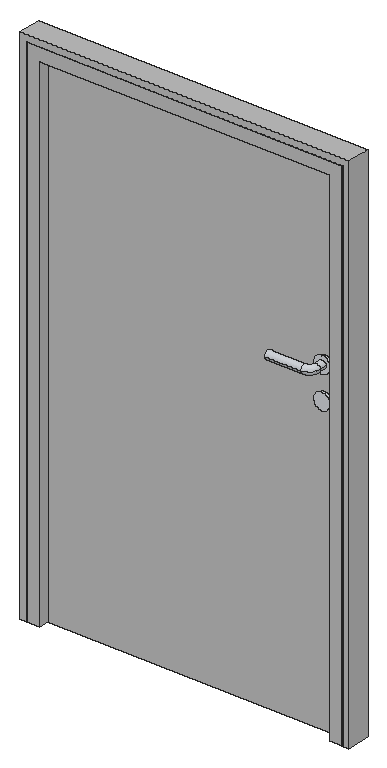
Revit family "BRU_Дверь_Однопольная_Стальная", category Двери, Revit 2021
Family settings
  Основа = Стена
  Номер OmniClass = 23.30.10.00
  Заголовок OmniClass = Doors
  Всегда вертикально = Да
  При загрузке вырезать с полостями = Нет
  Общий = Нет
  Точка принадлежности помещению = Нет
Parameters (values of type "ДСН-О-Н-EI30 1000х1600(h) Пр")
  Четверть сверху.Размер [instance] = 30 mm
  Четверть сверху [instance] = if([Четверть (есть/нет)], Четверть сверху.Размер, 0 mm)  # 0 mm
  Четверть сбоку [instance] = if([Четверть (есть/нет)], Четверти сбоку.Размер, 0 mm)  # 0 mm
  Четверть (есть/нет) [instance] = no
  Четверти сбоку.Размер [instance] = 30 mm
  Угол в плане 30 [instance] = yes
  Тип полотна двери = Полотно : Глухое
  Ручка двери = none
  Рама двери.Ширина справа = 80 mm
  Рама двери.Ширина слева = 80 mm
  Рама двери.Ширина внизу = 80 mm
  Рама двери.Ширина вверху = 80 mm
  Полотно.Толщина = 40 mm
  Полотно двери. Высота = Height - Коробка.Ширина  # 1550 mm
  Площадь [instance] = Rough Width * Rough Height  # 1.73 m²
  Откосы.Ширина [instance] = 530 mm
  Define Thermal Properties by = 1
  Fire Rating = ""
  О_Обозначение = ""
  О_Наименование = ""
  Наличник.Ширина [instance] = 60 mm
  Наличник.Толщина [instance] = 10 mm
  Наличник снаружи (есть/нет) [instance] = no
  Наличник внутри (есть/нет) [instance] = no
  Монтажный зазор снизу.Толщина [instance] = 130 mm
  Монтажный зазор сверху.Толщина = 20 mm
  Монтажный зазор сбоку.Толщина = 20 mm
  Коробка.Ширина = 30 mm
  Коробка.Толщина = 70 mm
  Type Comments = ""
  Защитное ограждение (есть/нет) = no
  Глубина выреза проема наружу [instance] = 200 mm
  Глубина выреза проема внутрь [instance] = 200 mm
  Глубина вставки двери [instance] = 0 mm
  Аналитическая конструкция = "<Нет>"
  Правая = yes
  Полотно двери = none
  Остекление двери = none
  Левая = not(Правая)  # no
  Огибание наружных слоев [instance] = 0 mm
  Width = 960 mm
  Rough Width [instance] = Width + Монтажный зазор сбоку.Толщина * 2  # 1000 mm
  Rough Height [instance] = Height + Монтажный зазор сверху.Толщина + Монтажный зазор снизу.Толщина  # 1730 mm
  Группа модели = "Дверь глухая с порогом"
  Manufacturer = ""
  Wall Closure = (empty or 0)
  Height = 1580 mm
  Описание = "Дверь деревянная внутренняя глухая"
  Тип конструкций = "Дверь деревянная"
  BRU_ДверьТип = "BRU_Дверь_Однопольная_Стальная_МОП_Противопожарная"
  ADSK_Этаж [instance] = ""
  ADSK_Толщина стены [instance] = 0 mm
  ADSK_Примечание [instance] = ""
  ADSK_Предел огнестойкости = "EI30"
  ADSK_Позиция [instance] = ""
  ADSK_Открывание = if(Правая, "Правая", "Левая")  # "Правая"
  ADSK_Обозначение = "ГОСТ 6629-88"  # constant formula
  ADSK_Наименование краткое = ""
  ADSK_Наименование = "ДСН-О-Н-EI30 1000х1600(h)"
  ADSK_Масса_Текст = ""
  ADSK_Количество [instance] = 0
  ADSK_Код изделия = ""
  ADSK_Зона [instance] = ""
  ADSK_Завод-изготовитель = ""
  ADSK_Единица измерения = ""
  ADSK_Группирование [instance] = ""
  ADSK_URL страницы изделия = ""
  ADSK_URL документации изделия = ""
Types (9, lengths in mm): name | Полотно двери. Высота | Площадь | Правая | Левая | Width | Rough Width | Rough Height | Группа модели | Height | ADSK_Предел огнестойкости | ADSK_Открывание | ADSK_Наименование
  ДСН-О-Н-EI30 1000х1600(h) Пр | 1550 | 1.73 m² | yes | no | 960 | 1000 | 1730 | "Дверь глухая с порогом" | 1580 | "EI30" | "Правая" | "ДСН-О-Н-EI30 1000х1600(h)"
  ДСН-О-Н-EI30 1000х1600(h) Л | 1550 | 1.73 m² | no | yes | 960 | 1000 | 1730 | "Дверь глухая с порогом" | 1580 | "EI30" | "Левая" | "ДСН-О-Н-EI30 1000х1600(h)"
  ДСВ-О-Вн-EI30 1250х2400(h) Пр | 2350 | 3.1625 m² | yes | no | 1210 | 1250 | 2530 | "Дверь глухая без порога" | 2380 | "EI30\r\n\r\n\r\n\r\n\r\nE30" | "Правая" | "ДСВ-О-Вн-EI30 1250х2400(h)"
  ДСВ-О-Вн-EI30 1250х2400(h) Л | 2220 | 3.00 m² | no | yes | 1210 | 1250 | 2400 | "Дверь глухая без порога" | 2250 | "EI30" | "Левая" | "ДСВ-О-Вн-EI30 1250х2400(h)"
  ДСВ-О-Н-EIS30 1100х2100(h) Пр | 2050 | 2.453 m² | yes | no | 1060 | 1100 | 2230 | "Дверь глухая с порогом" | 2080 | "EIS30" | "Правая" | "ДСВ-О-Н-EIS30 1250х2100(h)"
  ДСВ-О-Н-EIS30 1250х2100(h) Пр | 2050 | 2.7875 m² | yes | no | 1210 | 1250 | 2230 | "Дверь глухая с порогом" | 2080 | "EIS30\r\n\r\n\r\n\r\n\r\nEIS30" | "Правая" | "ДСВ-О-Н-EIS30 1100х2100(h)"
  ДСН-О-Н 850х2100(h) Л | 1920 | 1.785 m² | no | yes | 810 | 850 | 2100 | "Дверь глухая с порогом" | 1950 | "-" | "Левая" | "ДСН-О 1000х1600(h)"
  ДСН-О-Н 850х2100(h) Пр 2 | 1920 | 1.785 m² | yes | no | 810 | 850 | 2100 | "Дверь глухая с порогом" | 1950 | "-" | "Правая" | "ДСН-О 1000х1600(h)"
  ДСВ-О-Н-EIS30 1250х2100(h) Л | 2050 | 2.7875 m² | no | yes | 1210 | 1250 | 2230 | "Дверь глухая с порогом" | 2080 | "EIS30\r\n\r\n\r\n\r\n\r\nEIS30" | "Левая" | "ДСВ-О-Н-EIS30 1100х2100(h)"
Reference planes
  plane 1: y = 0
  plane 2 "По центру (Влево/Вправо)": x = 0
  plane 3 "Слева": x = -500
  plane 4 "Справа": x = 500
  plane 5: z = 1730
  plane 6 "Наружный": y = 300
  plane 7 "Внутренние": y = -300
  plane 8 "Вставка двери": y = 300
  plane 9 "Четверть слева": x = -500
  plane 10 "Четверть справа": x = 500
  plane 11 "Четверть сверху": z = 1730
  plane 12 "Полотно двери": y = 260
  plane 13 "Рама внутри": y = 230
  plane 14 "Монтажный зазор слева": x = -480
  plane 15 "Монтажный зазор справа": x = 480
  plane 16 "Монтажный зазор сверху": z = 1710
  plane 17 "Глубина огибания наружного слоя": y = 300
  plane 18: y = 310
  plane 19: x = 490
  plane 20: y = -310
  plane 21: x = -490
  plane 22: y = 500
  plane 23: y = -500
  plane 24 "2": z = 130
Forms (mm)
  Extrusion 1, void
    sketch origin (0, 0, 0) x (1, 0, 0) y (0, 1, 0)
      loop
        line (500, 300) -> (-500, 300) -> (-500, -500) -> (500, -500) -> (500, 300)
    from 0 to 1730
  Extrusion 2, void
    sketch origin (0, 0, 0) x (1, 0, 0) y (0, 1, 0)
      loop
        line (500, 500) -> (-500, 500) -> (-500, 300) -> (500, 300) -> (500, 500)
    from 0 to 1730
  Sweep 3, solid, material <- "Полотно двери", visible <- "Наличник снаружи (есть/нет)", detail levels fine
    path origin (0, 300, 0) x (1, 0, 0) y (0, 0, 1)
      loop
        line (-500, 130) -> (-500, 1730) -> (500, 1730) -> (500, 130)
    profile origin (-500, 300, 930) x (-1, 0, 0) y (0, -1, 0)
      loop
        line (-10, 0) -> (-10, -5)
        arc (-10, -5) -> (-8.536, -8.536) -> (-5, -10) r 5
        line (-5, -10) -> (45, -10)
        arc (45, -10) -> (48.536, -8.536) -> (50, -5) r 5
        line (50, -5) -> (50, 0) -> (-10, 0)
  Sweep 4, solid, material <- "Полотно двери", visible <- "Наличник внутри (есть/нет)", detail levels fine
    path origin (0, -300, 0) x (1, 0, 0) y (0, 0, 1)
      loop
        line (-500, 130) -> (-500, 1730) -> (500, 1730) -> (500, 130)
    profile origin (-500, -300, 930) x (-1, 0, 0) y (0, -1, 0)
      loop
        line (-20, 0) -> (40, 0) -> (40, 5)
        arc (40, 5) -> (38.536, 8.536) -> (35, 10) r 5
        line (35, 10) -> (-15, 10)
        arc (-15, 10) -> (-18.536, 8.536) -> (-20, 5) r 5
        line (-20, 5) -> (-20, 0)
  Sweep 5, solid, material <- "Полотно двери"
    path origin (0, 300, 0) x (-1, 0, 0) y (0, 0, 1)
      loop
        line (480, 130) -> (480, 1710) -> (-480, 1710) -> (-480, 130)
    profile origin (480, 300, 920) x (0, 1, 0) y (-1, 0, 0)
      loop
        line (0, 0) -> (0, 30) -> (-40, 30) -> (-40, 40) -> (-70, 40) -> (-70, 0) -> (0, 0)
  Sweep 6, solid, material <- "Полотно двери", visible <- "Наличник снаружи (есть/нет)", detail levels fine
    path origin (0, 300, 0) x (-1, 0, 0) y (0, 0, 1)
      loop
        line (500, 130) -> (500, 1730) -> (-500, 1730) -> (-500, 130)
    profile origin (500, 300, 930) x (0, 1, 0) y (-1, 0, 0)
      loop
        line (5, 0) -> (5, 10) -> (0, 10) -> (0, 0) -> (5, 0)
  Extrusion 7, solid, material <- "Полотно двери"
    sketch origin (-2514.822, 300, 1200) x (-1, 0, 0) y (0, 0, 1)
      loop
        line (-3014.822, 530) -> (-3014.822, -1070) -> (-2993.822, -1070) -> (-2993.822, 509) -> (-2035.822, 509) -> (-2035.822, -1070) -> (-2014.822, -1070) -> (-2014.822, 530) -> (-3014.822, 530)
    from 0 to -70
Cuts and joins
  joined: Sweep 3, Sweep 6
Lines and regions (mm)
  Masking region 1, detail levels fine
    outline origin (0, 0, 0) x (0, 1, 0) y (0, 0, 1)
      loop
        line (230, 1670) -> (260, 1670) -> (260, 1680) -> (300, 1680) -> (300, 1710) -> (230, 1710) -> (230, 1670)
  Masking region 2, detail levels fine
    outline origin (0, 0, 0) x (0, 1, 0) y (0, 0, 1)
      loop
        line (300, 130) -> (300, 1680) -> (260, 1680) -> (260, 130) -> (300, 130)
  Masking region 3, detail levels fine
    outline origin (0, 0, 0) x (0, 1, 0) y (0, 0, 1)
      loop
        line (230, 1670) -> (230, 130) -> (260, 130) -> (260, 1670) -> (230, 1670)
  Masking region 4, detail levels coarse+medium
    outline origin (0, 0, 0) x (0, 1, 0) y (0, 0, 1)
      loop
        line (300, 130) -> (300, 1730) -> (230, 1730) -> (230, 130) -> (300, 130)
Text (mm)
  text "Наружный" at (-2295.016, 1099.543, 0), in view "Опорный уровень "
  text "Наружный" at (0, 1615.38, 3698.081), in view "Слева"
  text "Наружный" at (0, 1036.032, 3874.932), in view "Справа"
Dimensions and locks
  equal spacing: plane 14 "Монтажный зазор слева", plane 2 "По центру (Влево/Вправо)", plane 15 "Монтажный зазор справа"
  "Width": plane 14 "Монтажный зазор слева" to plane 15 "Монтажный зазор справа"
  "Height": plane 16 "Монтажный зазор сверху" to plane 24 "2"
  host wall to plane 5 = 1730 mm  (x2)
  locked: plane 6 "Наружный" to host wall
  locked: plane 7 "Внутренние" to host wall
  "Четверть сбоку": plane 3 "Слева" to plane 9 "Четверть слева"
  "Четверть сбоку": plane 10 "Четверть справа" to plane 4 "Справа"
  "Глубина вставки двери": plane 6 "Наружный" to plane 8 "Вставка двери"
  "Наличник.Ширина": Sweep 3 sketch curve to plane 21
  "Коробка.Толщина": plane 8 "Вставка двери" to plane 13 "Рама внутри"
  "Полотно.Толщина": plane 8 "Вставка двери" to plane 12 "Полотно двери"
  "Огибание наружных слоев": plane 6 "Наружный" to plane 17 "Глубина огибания наружного слоя"
  "Наличник.Ширина": Sweep 4 sketch curve to Sweep 4 sketch curve
  locked: Sweep 4 sketch curve to Sweep 4 sketch curve at 5  (x4)
  locked: Sweep 3 sketch curve to Sweep 3 sketch curve at 5
  "Коробка.Ширина": Sweep 5 sketch curve to profile plane
  locked: Sweep 5 sketch curve to Sweep 5 sketch curve at 10
  "Наличник.Толщина": plane 7 "Внутренние" to plane 20
  "Наличник.Толщина": plane 18 to plane 6 "Наружный"
  "Наличник.Толщина": plane 9 "Четверть слева" to plane 21
  "Наличник.Толщина": plane 19 to plane 10 "Четверть справа"
  locked: plane 18 to Sweep 3 sketch curve at 5  (x2)
  locked: Sweep 3 sketch curve to plane 21 at 5
  locked: plane 18 to Sweep 6 sketch curve at 5
  "Откосы.Ширина": plane 7 "Внутренние" to plane 13 "Рама внутри"
  equal spacing: plane 3 "Слева", plane 2 "По центру (Влево/Вправо)", plane 4 "Справа"
  "Rough Width": plane 3 "Слева" to plane 4 "Справа"
  "Глубина выреза проема внутрь": plane 23 to plane 7 "Внутренние"
  "Глубина выреза проема наружу": plane 6 "Наружный" to plane 22
  locked: Extrusion 7 sketch curve to plane 15 "Монтажный зазор справа" at 1
  locked: Extrusion 7 sketch curve to plane 16 "Монтажный зазор сверху" at 1
  locked: plane 14 "Монтажный зазор слева" to Extrusion 7 sketch curve at 1
  "Монтажный зазор снизу.Толщина": level to plane 24 "2"
  "Монтажный зазор сверху.Толщина": plane 5 to plane 16 "Монтажный зазор сверху"
  "Четверть сверху": plane 5 to plane 11 "Четверть сверху"
  aligned and locked: plane 1 to host wall
  aligned and locked: plane 8 "Вставка двери" to Extrusion 1 sketch curve
  aligned and locked: plane 3 "Слева" to Extrusion 1 sketch curve
  aligned and locked: Extrusion 1 sketch curve to plane 4 "Справа"
  aligned and locked: Extrusion 1 to level
  aligned and locked: Extrusion 1 to plane 5
  aligned and locked: Extrusion 2 sketch curve to plane 8 "Вставка двери"
  aligned and locked: plane 10 "Четверть справа" to Extrusion 2 sketch curve
  aligned and locked: Extrusion 2 sketch curve to plane 9 "Четверть слева"
  aligned and locked: Extrusion 2 to level
  aligned and locked: plane 11 "Четверть сверху" to Extrusion 2
  aligned and locked: plane 9 "Четверть слева" to Sweep 3 sketch curve
  aligned and locked: plane 11 "Четверть сверху" to Sweep 3 sketch curve
  aligned and locked: plane 10 "Четверть справа" to Sweep 3 sketch curve
  aligned and locked: Sweep 4 sketch curve to plane 3 "Слева"
  aligned and locked: Sweep 4 sketch curve to plane 5
  aligned and locked: Sweep 4 sketch curve to plane 4 "Справа"
  aligned and locked: Sweep 4 sketch curve to plane 7 "Внутренние"
  aligned and locked: Sweep 5 sketch curve to plane 15 "Монтажный зазор справа"
  aligned and locked: Sweep 5 sketch curve to plane 16 "Монтажный зазор сверху"
  aligned and locked: Sweep 5 sketch curve to plane 14 "Монтажный зазор слева"
  aligned and locked: profile plane to Sweep 5 sketch curve
  aligned and locked: plane 13 "Рама внутри" to Sweep 5 sketch curve
  aligned and locked: plane 8 "Вставка двери" to Sweep 5 sketch curve
  aligned and locked: plane 12 "Полотно двери" to Sweep 5 sketch curve
  aligned and locked: plane 12 "Полотно двери" to nested 1
  aligned and locked: nested 1 to plane 8 "Вставка двери"
  aligned and locked: Sweep 5 to nested 1
  aligned and locked: nested 1 to Sweep 5  (x2)
  aligned and locked: plane 2 "По центру (Влево/Вправо)" to nested 2
  aligned and locked: nested 2 to plane 8 "Вставка двери"
  aligned and locked: plane 12 "Полотно двери" to nested 2
  aligned and locked: plane 13 "Рама внутри" to nested 2
  aligned and locked: plane 2 "По центру (Влево/Вправо)" to nested 3
  aligned and locked: plane 8 "Вставка двери" to nested 3
  aligned and locked: nested 3 to plane 12 "Полотно двери"
  aligned and locked: nested 3 to plane 13 "Рама внутри"
  aligned and locked: Sweep 4 sketch curve to plane 14 "Монтажный зазор слева"
  aligned and locked: profile plane to Sweep 3 sketch curve
  aligned and locked: Sweep 6 sketch curve to plane 11 "Четверть сверху"
  aligned and locked: plane 10 "Четверть справа" to Sweep 6 sketch curve  (x2)
  aligned and locked: plane 9 "Четверть слева" to Sweep 6 sketch curve
  aligned and locked: plane 8 "Вставка двери" to Sweep 6 sketch curve
  aligned and locked: plane 20 to Sweep 4 sketch curve
  aligned and locked: plane 18 to Sweep 3 sketch curve
  aligned and locked: Sweep 6 sketch curve to plane 19
  aligned and locked: Masking region 1 sketch curve to Sweep 5  (x2)
  aligned and locked: plane 12 "Полотно двери" to Masking region 1 sketch curve
  aligned and locked: plane 13 "Рама внутри" to Masking region 1 sketch curve
  aligned and locked: plane 8 "Вставка двери" to Masking region 1 sketch curve
  aligned and locked: plane 16 "Монтажный зазор сверху" to Masking region 1 sketch curve
  aligned and locked: plane 8 "Вставка двери" to Masking region 2 sketch curve
  aligned and locked: plane 12 "Полотно двери" to Masking region 2 sketch curve
  aligned and locked: Masking region 2 sketch curve to Sweep 5
  aligned and locked: Masking region 3 sketch curve to Sweep 5
  aligned and locked: plane 13 "Рама внутри" to Masking region 3 sketch curve
  aligned and locked: plane 12 "Полотно двери" to Masking region 3 sketch curve
  aligned and locked: plane 8 "Вставка двери" to Masking region 4 sketch curve
  aligned and locked: plane 13 "Рама внутри" to Masking region 4 sketch curve
  aligned and locked: plane 5 to Masking region 4 sketch curve
  aligned and locked: Extrusion 7 sketch curve to plane 4 "Справа"
  aligned and locked: Extrusion 7 sketch curve to plane 3 "Слева"
  aligned and locked: Extrusion 7 sketch curve to plane 5
  aligned and locked: Extrusion 7 to plane 13 "Рама внутри"
  aligned and locked: plane 8 "Вставка двери" to Extrusion 7
  aligned and locked: plane 22 to Extrusion 2 sketch curve
  aligned and locked: Extrusion 1 sketch curve to plane 23
  aligned and locked: plane 24 "2" to Sweep 5 sketch curve  (x2)
  aligned and locked: plane 24 "2" to Sweep 3 sketch curve  (x2)
  aligned and locked: plane 24 "2" to Sweep 6 sketch curve  (x2)
  aligned and locked: plane 24 "2" to Sweep 4 sketch curve  (x2)
  aligned and locked: Extrusion 7 sketch curve to plane 24 "2"
  aligned and locked: plane 24 "2" to Extrusion 7 sketch curve
  aligned and locked: Masking region 4 sketch curve to plane 24 "2"
  aligned and locked: Masking region 3 sketch curve to plane 24 "2"
  aligned and locked: Masking region 2 sketch curve to plane 24 "2"
Nested families
  nested 1: "Полотно" at (0, 300, 130), type <- "Тип полотна двери", Полотно двери.Высота <- "Полотно двери. Высота", type "Глухое"
    with Полотно двери.Ширина 900 mm, Полотно двери.Толщина 40 mm, Полотно двери.Высота 1550 mm
  nested 2: "Обозначение на плане" at (0, 300, 0), Ширина двери <- "Rough Width", visible <- "Правая", Монтажный зазор <- "Монтажный зазор сбоку.Толщина", Ширина коробки <- "Коробка.Ширина", Толщина полотна двери <- "Полотно.Толщина", Толщина коробки <- "Коробка.Толщина", type "По-умолчанию"
    with Ширина полотна двери 900 mm, Ширина коробки 30 mm, Ширина двери 1000 mm, Толщина полотна двери 40 mm, Толщина коробки 70 mm, Монтажный зазор 20 mm
  nested 3: "Обозначение на плане" at (0, 300, 0) x (-1, 0, 0) z (0, 0, 1), Ширина двери <- "Rough Width", visible <- "Левая", Монтажный зазор <- "Монтажный зазор сбоку.Толщина", Ширина коробки <- "Коробка.Ширина", Толщина полотна двери <- "Полотно.Толщина", Толщина коробки <- "Коробка.Толщина", type "По-умолчанию"
    with Ширина полотна двери 900 mm, Ширина коробки 30 mm, Ширина двери 1000 mm, Толщина полотна двери 40 mm, Толщина коробки 70 mm, Монтажный зазор 20 mm
Definition of nested family "Полотно"
  Parameters (values of type "Глухое")
    Ручка.Отступ от края = 50 mm
    Ручка.Высота расположения = 1000 mm
    Ручка двери = none
    Рама справа.Ширина = 150 mm
    Рама слева.Ширина = 150 mm
    Рама внизу.Ширина = 600 mm
    Рама вверху.Ширина = 150 mm
    Правая = yes
    Полотно остекленное = no
    Полотно двери.Ширина [instance] = 1000 mm
    Полотно двери.Толщина [instance] = 40 mm
    Полотно двери.Высота [instance] = 2100 mm
    Полотно двери = none
    Полотно глухое = yes
    Остекление двери = none
    Левая = not(Правая)  # no
    Защитные ограждения = no
    Analytic Construction = "<Нет>"
  Types (2, lengths in mm): name | Рама справа.Ширина | Рама слева.Ширина | Рама внизу.Ширина | Рама вверху.Ширина | Полотно остекленное | Полотно глухое
    Глухое | 150 | 150 | 600 | 150 | no | yes
    Остекленное | 80 | 80 | 80 | 80 | yes | no
  Reference planes
    plane 1 "Center (Front/Back)": y = 0
    plane 2: z = 0
    plane 3 "Center (Left/Right)": x = 0
    plane 4: x = -500
    plane 5: x = 500
    plane 6 "Back": y = -40
    plane 7: z = 2100
    plane 8 "Высота расположения ручки": z = 1000
    plane 9 "Отступ ручки справа": x = 450
    plane 10 "Отступ ручки слева": x = -450
    plane 11 "Остекление снаружи": y = -8
    plane 12 "Остекление внутри": y = -32
    plane 13 "Ширина рамы справа": x = -350
    plane 14 "Ширина рамы слева": x = 350
    plane 15 "Ширина рамы внизу": z = 600
    plane 16 "Ширина рамы вверху": z = 1950
    plane 17: z = 950
    plane 18: z = 800
    plane 19: z = 650
    plane 20: z = 1050
  Forms (mm)
    Extrusion 1, solid, material <- "Полотно двери", visible <- "Полотно глухое"
      sketch origin (0, 0, 0) x (1, 0, 0) y (0, 0, 1)
        loop
          line (-500, 2100) -> (-500, 0) -> (500, 0) -> (500, 2100) -> (-500, 2100)
      from 0 to 40 <- "Полотно двери.Толщина"
    Extrusion 2, solid, material <- "Полотно двери", visible <- "Полотно остекленное"
      sketch origin (0, 0, 0) x (1, 0, 0) y (0, 0, 1)
        loop
          line (-500, 2100) -> (-500, 0) -> (500, 0) -> (500, 2100) -> (-500, 2100)
        loop
          line (-350, 600) -> (350, 600) -> (350, 1950) -> (-350, 1950) -> (-350, 600)
      from 0 to 40
    Extrusion 3, solid, material <- "Остекление двери", visible <- "Полотно остекленное"
      sketch origin (-646.608, -8, 1200) x (-1, 0, 0) y (0, 0, 1)
        loop
          line (-296.608, 750) -> (-996.608, 750) -> (-996.608, -600) -> (-296.608, -600) -> (-296.608, 750)
      from 0 to -24
    Sweep 4, solid, material <- "Ручка двери", visible <- "Защитные ограждения", detail levels medium+fine
      path origin (-858.179, -1524, 950) x (-1, 0, 0) y (0, -1, 0)
        loop
          arc (-478.179, -1469) -> (-482.572, -1458.393) -> (-493.179, -1454) r 15
          line (-493.179, -1454) -> (-1223.179, -1454)
          arc (-1223.179, -1454) -> (-1233.785, -1458.393) -> (-1238.179, -1469) r 15
          line (-1238.179, -1469) -> (-1238.179, -1539)
          arc (-1238.179, -1539) -> (-1233.785, -1549.607) -> (-1223.179, -1554) r 15
          line (-1223.179, -1554) -> (-493.179, -1554)
          arc (-493.179, -1554) -> (-482.572, -1549.607) -> (-478.179, -1539) r 15
          line (-478.179, -1539) -> (-478.179, -1469)
      profile origin (-380, -20, 950) x (-1, 0, 0) y (0, 0, 1)
        loop
          circle (0, 0) r 10
    Sweep 5, solid, material <- "Ручка двери", visible <- "Защитные ограждения", detail levels medium+fine
      path origin (-858.179, -1524, 800) x (-1, 0, 0) y (0, -1, 0)
        loop
          arc (-478.179, -1469) -> (-482.572, -1458.393) -> (-493.179, -1454) r 15
          line (-493.179, -1454) -> (-1223.179, -1454)
          arc (-1223.179, -1454) -> (-1233.785, -1458.393) -> (-1238.179, -1469) r 15
          line (-1238.179, -1469) -> (-1238.179, -1539)
          arc (-1238.179, -1539) -> (-1233.785, -1549.607) -> (-1223.179, -1554) r 15
          line (-1223.179, -1554) -> (-493.179, -1554)
          arc (-493.179, -1554) -> (-482.572, -1549.607) -> (-478.179, -1539) r 15
          line (-478.179, -1539) -> (-478.179, -1469)
      profile origin (-380, -20, 800) x (-1, 0, 0) y (0, 0, 1)
        loop
          circle (0, 0) r 10
    Sweep 6, solid, material <- "Ручка двери", visible <- "Защитные ограждения", detail levels medium+fine
      path origin (-858.179, -1524, 650) x (-1, 0, 0) y (0, -1, 0)
        loop
          arc (-478.179, -1469) -> (-482.572, -1458.393) -> (-493.179, -1454) r 15
          line (-493.179, -1454) -> (-1223.179, -1454)
          arc (-1223.179, -1454) -> (-1233.785, -1458.393) -> (-1238.179, -1469) r 15
          line (-1238.179, -1469) -> (-1238.179, -1539)
          arc (-1238.179, -1539) -> (-1233.785, -1549.607) -> (-1223.179, -1554) r 15
          line (-1223.179, -1554) -> (-493.179, -1554)
          arc (-493.179, -1554) -> (-482.572, -1549.607) -> (-478.179, -1539) r 15
          line (-478.179, -1539) -> (-478.179, -1469)
      profile origin (-380, -20, 650) x (-1, 0, 0) y (0, 0, 1)
        loop
          circle (0, 0) r 10
  Lines and regions (mm)
    symbolic lines, visible <- "Правая", detail levels medium
      curve 1: line (-500, 0, 0) -> (500, 0, 1050)
      curve 2: line (500, 0, 1050) -> (-500, 0, 2100)
    symbolic lines, visible <- "Левая", detail levels medium
      curve 3: line (500, 0, 0) -> (-500, 0, 1050)
      curve 4: line (-500, 0, 1050) -> (500, 0, 2100)
  Dimensions and locks
    "Полотно двери.Толщина": plane 1 "Center (Front/Back)" to plane 6 "Back"
    equal spacing: plane 4, plane 3 "Center (Left/Right)", plane 5
    "Полотно двери.Ширина": plane 4 to plane 5
    "Полотно двери.Высота": plane 7 to plane 2
    "Ручка.Высота расположения": plane 8 "Высота расположения ручки" to level
    "Ручка.Отступ от края": plane 5 to plane 9 "Отступ ручки справа"
    "Ручка.Отступ от края": plane 10 "Отступ ручки слева" to plane 4
    locked: plane 12 "Остекление внутри" to plane 6 "Back" at 8
    locked: plane 1 "Center (Front/Back)" to plane 11 "Остекление снаружи" at 8
    "Рама вверху.Ширина": plane 7 to plane 16 "Ширина рамы вверху"
    "Рама внизу.Ширина": plane 15 "Ширина рамы внизу" to plane 2
    "Рама справа.Ширина": plane 5 to plane 14 "Ширина рамы слева"
    "Рама слева.Ширина": plane 13 "Ширина рамы справа" to plane 4
    locked: plane 17 to plane 2 at 950
    plane 17 to plane 18 to plane 19 = 150 mm locked, 150 mm locked
    locked: plane 1 "Center (Front/Back)" to Sweep 4 sketch curve at 30
    locked: Sweep 4 sketch curve to profile plane at 0
    locked: profile plane to Sweep 4 sketch curve at 0
    locked: Sweep 4 sketch curve to plane 6 "Back" at 30
    locked: Sweep 5 sketch curve to profile plane at 0
    locked: profile plane to Sweep 5 sketch curve at 0
    locked: Sweep 5 sketch curve to plane 6 "Back" at 30
    locked: plane 1 "Center (Front/Back)" to Sweep 5 sketch curve at 30
    locked: Sweep 6 sketch curve to profile plane at 0
    locked: profile plane to Sweep 6 sketch curve at 0
    locked: Sweep 6 sketch curve to plane 6 "Back" at 30
    locked: plane 1 "Center (Front/Back)" to Sweep 6 sketch curve at 30
    equal spacing: plane 7, plane 20, plane 2
    locked: Sweep 4 sketch curve to plane 13 "Ширина рамы справа" at 30
    locked: plane 14 "Ширина рамы слева" to Sweep 4 sketch curve at 30
    locked: plane 14 "Ширина рамы слева" to Sweep 5 sketch curve at 30
    locked: Sweep 5 sketch curve to plane 13 "Ширина рамы справа" at 30
    locked: Sweep 6 sketch curve to plane 13 "Ширина рамы справа" at 30
    locked: plane 14 "Ширина рамы слева" to Sweep 6 sketch curve at 30
    locked: Sweep 4 sketch curve to Sweep 4 sketch curve at 15  (x8)
    locked: Sweep 5 sketch curve to Sweep 5 sketch curve at 15  (x8)
    locked: Sweep 6 sketch curve to Sweep 6 sketch curve at 15  (x8)
    aligned and locked: level to plane 2
    aligned and locked: Extrusion 1 sketch curve to plane 7
    aligned and locked: plane 4 to Extrusion 1 sketch curve
    aligned and locked: plane 2 to Extrusion 1 sketch curve
    aligned and locked: Extrusion 1 sketch curve to plane 5
    aligned and locked: Extrusion 1 to plane 1 "Center (Front/Back)"
    aligned and locked: Extrusion 1 to plane 6 "Back"
    aligned and locked: nested 1 to plane 10 "Отступ ручки слева"
    aligned and locked: plane 1 "Center (Front/Back)" to nested 1
    aligned and locked: plane 6 "Back" to nested 1
    aligned and locked: plane 8 "Высота расположения ручки" to nested 1
    aligned and locked: nested 2 to plane 1 "Center (Front/Back)"
    aligned and locked: nested 2 to plane 6 "Back"
    aligned and locked: nested 2 to plane 9 "Отступ ручки справа"
    aligned and locked: nested 2 to plane 8 "Высота расположения ручки"
    aligned and locked: Extrusion 2 sketch curve to plane 4
    aligned and locked: Extrusion 2 sketch curve to plane 5
    aligned and locked: Extrusion 2 sketch curve to plane 7
    aligned and locked: Extrusion 2 sketch curve to plane 2
    aligned and locked: Extrusion 2 sketch curve to plane 15 "Ширина рамы внизу"
    aligned and locked: Extrusion 2 sketch curve to plane 13 "Ширина рамы справа"
    aligned and locked: Extrusion 2 sketch curve to plane 14 "Ширина рамы слева"
    aligned and locked: Extrusion 2 sketch curve to plane 16 "Ширина рамы вверху"
    aligned and locked: Extrusion 2 to plane 1 "Center (Front/Back)"
    aligned and locked: Extrusion 2 to plane 6 "Back"
    aligned and locked: plane 13 "Ширина рамы справа" to Extrusion 3 sketch curve
    aligned and locked: plane 14 "Ширина рамы слева" to Extrusion 3 sketch curve
    aligned and locked: plane 16 "Ширина рамы вверху" to Extrusion 3 sketch curve
    aligned and locked: plane 15 "Ширина рамы внизу" to Extrusion 3 sketch curve
    aligned and locked: Extrusion 3 to plane 11 "Остекление снаружи"
    aligned and locked: Extrusion 3 to plane 12 "Остекление внутри"
    aligned and locked: plane 4 to curve 1
    aligned and locked: plane 2 to curve 1
    aligned and locked: plane 5 to curve 2
    aligned and locked: plane 20 to curve 1
    aligned and locked: plane 7 to Extrusion 2
    aligned and locked: plane 4 to Extrusion 2
  Automatic sketch dimensions
    curve 3 to plane 4 = 0 mm
    curve 2 to plane 4 = 0 mm
    curve 3 to level = 0 mm
    curve 3 to plane 5 = 0 mm
    curve 4 to plane 5 = 0 mm
    curve 4 to plane 20 = 0 mm
    curve 4 to plane 7 = 0 mm
    curve 2 to plane 7 = 0 mm
    radius of Sweep 4 sketch curve = 10 mm
    radius of Sweep 5 sketch curve = 10 mm
    radius of Sweep 6 sketch curve = 10 mm
  Nested families
    nested 1: "Дверная ручка" at (-450, 0, 1000), visible <- "Левая", Полотно двери.Толщина <- "Полотно двери.Толщина", type "Дверная ручка", detail levels fine
      with Полотно двери.Толщина 40 mm
    nested 2: "Дверная ручка" at (450, 0, 1000) x (-1, 0, 0) z (0, 0, 1), visible <- "Правая", Полотно двери.Толщина <- "Полотно двери.Толщина", type "Дверная ручка", detail levels fine
      with Полотно двери.Толщина 40 mm
  Definition of nested family "Дверная ручка"
    Parameters (values of type "Дверная ручка")
      Полотно двери.Толщина [instance] = 40 mm
      Дверная ручка = none
      Analytic Construction = "<Нет>"
    Reference planes
      plane 1 "Center (Front/Back)": y = 0
      plane 2: z = 0
      plane 3 "Center (Left/Right)": x = 0
      plane 4: y = -40
      plane 5: z = -100
    Forms (mm)
      Sweep 1, solid, material <- "Дверная ручка", detail levels medium+fine
        path origin (0, 0, 0) x (1, 0, 0) y (0, 1, 0)
          loop
            line (130, 50) -> (20, 50)
            arc (20, 50) -> (5.858, 44.142) -> (0, 30) r 20
            line (0, 30) -> (0, -70)
            arc (0, -70) -> (5.858, -84.142) -> (20, -90) r 20
            line (20, -90) -> (130, -90)
        profile origin (0, -20, 0) x (1, 0, 0) y (0, 0, 1)
          loop
            circle (0, 0) r 12
      Extrusion 2, solid, material <- "Дверная ручка", detail levels medium+fine
        sketch origin (-2000, -40, 1200) x (-1, 0, 0) y (0, 0, 1)
          loop
            circle (-2000, -1200) r 25
        from 48 to -8
      Extrusion 3, solid, material <- "Дверная ручка", detail levels medium+fine
        sketch origin (-2000, -40, 1100) x (-1, 0, 0) y (0, 0, 1)
          loop
            circle (-2000, -1200) r 25
        from 48 to -8
    Cuts and joins
      joined: Sweep 1, Extrusion 2
    Dimensions and locks
      "Полотно двери.Толщина": plane 1 "Center (Front/Back)" to plane 4
      locked: Sweep 1 sketch curve to plane 4 at 50
      locked: plane 1 "Center (Front/Back)" to Sweep 1 sketch curve at 50
      locked: plane 4 to Sweep 1 sketch curve at 30
      locked: plane 1 "Center (Front/Back)" to Sweep 1 sketch curve at 30
      locked: plane 3 "Center (Left/Right)" to Sweep 1 sketch curve at 20  (x2)
      locked: plane 4 to Extrusion 2 at 8
      locked: Extrusion 3 sketch curve to plane 5 at 0
      locked: plane 3 "Center (Left/Right)" to Extrusion 3 sketch curve at 0
      locked: plane 1 "Center (Front/Back)" to cut or joined group of Sweep 1, Extrusion 2 at 8
      locked: Extrusion 3 to plane 1 "Center (Front/Back)" at 8
      aligned and locked: level to plane 2
      aligned and locked: Sweep 1 sketch curve to plane 3 "Center (Left/Right)"
    Automatic sketch dimensions
      Sweep 1 sketch curve to Sweep 1 sketch curve = 110 mm  (x2)
      Sweep 1 sketch curve to level = 0 mm
      profile plane to Sweep 1 sketch curve = 0 mm
      Extrusion 2 sketch curve to level = 0 mm
      Extrusion 2 sketch curve to plane 3 "Center (Left/Right)" = 0 mm
      radius of Sweep 1 sketch curve = 12 mm
      radius of Extrusion 2 sketch curve = 25 mm
      radius of Extrusion 3 sketch curve = 25 mm
Definition of nested family "Обозначение на плане"
  Parameters (values of type "По-умолчанию")
    Ширина полотна двери [instance] = Ширина двери - 60 mm - Монтажный зазор * 2  # 600 mm
    Ширина коробки [instance] = 30 mm
    Ширина двери [instance] = 700 mm
    Толщина полотна двери [instance] = 40 mm
    Толщина коробки [instance] = 80 mm
    Открывание двери.30° = yes
    Открывание двери.90° = not(Открывание двери.30°)  # no
    Монтажный зазор [instance] = 20 mm
    Линия открывания.Дуга = not(Открывание двери.30°)  # no
  Reference planes
    plane 1 "Center (Front/Back)": y = 0
    plane 2: z = 0
    plane 3 "Center (Left/Right)": x = 0
    plane 4: x = -350
    plane 5: x = 350
    plane 6 "Толщина коробки": y = -80
    plane 7 "Толщина полотна": y = -40
    plane 8: x = -330
    plane 9: x = 330
    plane 10: x = -300
    plane 11: x = 300
  Lines and regions (mm)
    Masking region 1, in view "Ref. Level", visible <- "Открывание двери.30°", detail levels fine
      outline origin (0, 0, 0) x (1, 0, 0) y (0, 1, 0)
        loop
          line (-300, 0) -> (-280, -34.641) -> (239.615, 265.359) -> (219.615, 300) -> (-300, 0)
    Masking region 2, in view "Ref. Level", visible <- "Открывание двери.90°", detail levels fine
      outline origin (0, 140, 0) x (1, 0, 0) y (0, 1, 0)
        loop
          line (-300, -140) -> (-260, -140) -> (-260, 460) -> (-300, 460) -> (-300, -140)
    Masking region 3, in view "Ref. Level", detail levels fine
      outline origin (0, 0, 0) x (1, 0, 0) y (0, 1, 0)
        loop
          line (-330, 0) -> (-350, 0) -> (-350, -80) -> (-330, -80) -> (-330, 0)
    Masking region 4, in view "Ref. Level", detail levels fine
      outline origin (0, 0, 0) x (1, 0, 0) y (0, 1, 0)
        loop
          line (-330, 0) -> (-330, -80) -> (-290, -80) -> (-290, -40) -> (-300, -40) -> (-300, 0) -> (-330, 0)
    Masking region 5, in view "Ref. Level", detail levels fine
      outline origin (0, 0, 0) x (1, 0, 0) y (0, 1, 0)
        loop
          line (330, 0) -> (330, -80) -> (350, -80) -> (350, 0) -> (330, 0)
    Masking region 6, in view "Ref. Level", detail levels fine
      outline origin (0, 0, 0) x (1, 0, 0) y (0, 1, 0)
        loop
          line (330, 0) -> (300, 0) -> (300, -40) -> (290, -40) -> (290, -80) -> (330, -80) -> (330, 0)
    Masking region 7, in view "Ref. Level", visible <- "Открывание двери.30°", detail levels fine
      outline origin (0, 140, 0) x (1, 0, 0) y (0, 1, 0)
        loop
          line (-300, -140) -> (-260, -140) -> (-260, 460) -> (-300, 460) -> (-300, -140)
    detail lines, in view "Ref. Level", visible <- "Открывание двери.90°", detail levels coarse+medium
      curve 1: line (-350, 0, 0) -> (-350, 700, 0)
    detail lines, in view "Ref. Level", visible <- "Линия открывания.Дуга", detail levels coarse+medium
      curve 2: arc (350, 0, 0) -> (144.975, 494.975, 0) -> (-350, 700, 0) r 700
    detail lines, in view "Ref. Level", visible <- "Открывание двери.30°", detail levels coarse+medium
      curve 3: line (-350, 0, 0) -> (256.218, 350, 0)
    detail lines, in view "Ref. Level", visible <- "Линия открывания.Дуга", detail levels fine
      curve 4: arc (300, 0, 0) -> (138.178, 409.878, 0) -> (-260, 598.665, 0) r 600
    detail lines, in view "Ref. Level", visible <- "Открывание двери.30°", detail levels fine
      curve 5: arc (300, 0, 0) -> (138.178, 409.878, 0) -> (-260, 598.665, 0) r 600
  Dimensions and locks
    equal spacing: plane 4, plane 3 "Center (Left/Right)", plane 5
    "Ширина двери": plane 4 to plane 5
    "Ширина двери": plane 1 "Center (Front/Back)" to curve 1
    "Ширина двери": curve 3 to curve 3
    "Толщина полотна двери": plane 1 "Center (Front/Back)" to plane 7 "Толщина полотна"
    "Толщина коробки": plane 1 "Center (Front/Back)" to plane 6 "Толщина коробки"
    "Монтажный зазор": plane 4 to plane 8
    "Монтажный зазор": plane 9 to plane 5
    "Ширина полотна двери": Masking region 1 sketch curve to Masking region 1 sketch curve
    "Ширина полотна двери": Masking region 2 sketch curve to Masking region 2 sketch curve
    "Толщина полотна двери": Masking region 2 sketch curve to Masking region 2 sketch curve
    "Ширина коробки": plane 8 to plane 10
    "Ширина коробки": plane 11 to plane 9
    locked: plane 10 to Masking region 4 sketch curve at 10
    locked: Masking region 6 sketch curve to plane 11 at 10
    "Ширина полотна двери": Masking region 7 sketch curve to Masking region 7 sketch curve
    "Толщина полотна двери": Masking region 7 sketch curve to Masking region 7 sketch curve
    "Ширина полотна двери": radius of curve 4
    "Ширина полотна двери": radius of curve 5
    locked: plane 1 "Center (Front/Back)" to curve 3 (angle 30.00°)
    locked: plane 1 "Center (Front/Back)" to Masking region 1 sketch curve (angle 30.00°)  (x2)
    aligned and locked: plane 1 "Center (Front/Back)" to curve 1
    aligned and locked: plane 1 "Center (Front/Back)" to curve 2
    aligned and locked: plane 4 to curve 3
    aligned and locked: plane 1 "Center (Front/Back)" to Masking region 1 sketch curve
    aligned and locked: Masking region 2 sketch curve to plane 1 "Center (Front/Back)"
    aligned and locked: Masking region 3 sketch curve to plane 8
    aligned and locked: Masking region 3 sketch curve to plane 4
    aligned and locked: Masking region 3 sketch curve to plane 6 "Толщина коробки"
    aligned and locked: Masking region 3 sketch curve to plane 1 "Center (Front/Back)"
    aligned and locked: Masking region 4 sketch curve to plane 8
    aligned and locked: Masking region 4 sketch curve to plane 10
    aligned and locked: Masking region 4 sketch curve to plane 6 "Толщина коробки"
    aligned and locked: Masking region 4 sketch curve to plane 7 "Толщина полотна"
    aligned and locked: Masking region 4 sketch curve to plane 1 "Center (Front/Back)"
    aligned and locked: plane 1 "Center (Front/Back)" to Masking region 5 sketch curve
    aligned and locked: plane 9 to Masking region 5 sketch curve
    aligned and locked: plane 6 "Толщина коробки" to Masking region 5 sketch curve
    aligned and locked: Masking region 5 sketch curve to plane 5
    aligned and locked: Masking region 6 sketch curve to plane 9
    aligned and locked: Masking region 6 sketch curve to plane 11
    aligned and locked: Masking region 6 sketch curve to plane 1 "Center (Front/Back)"
    aligned and locked: Masking region 6 sketch curve to plane 7 "Толщина полотна"
    aligned and locked: Masking region 6 sketch curve to plane 6 "Толщина коробки"
  Automatic sketch dimensions
    curve 4 to curve 5 = 0 mm  (x3)
    plane 1 "Center (Front/Back)" to curve 4 = 0 mm
    curve 4 to plane 10 = 0 mm
    plane 10 to curve 5 = 40 mm
    Masking region 1 sketch curve to plane 10 = 0 mm
    plane 7 "Толщина полотна" to Masking region 1 sketch curve = 5.359 mm
    Masking region 2 sketch curve to plane 10 = 0 mm
    Masking region 7 sketch curve to plane 10 = 0 mm
    plane 1 "Center (Front/Back)" to Masking region 7 sketch curve = 0 mm
